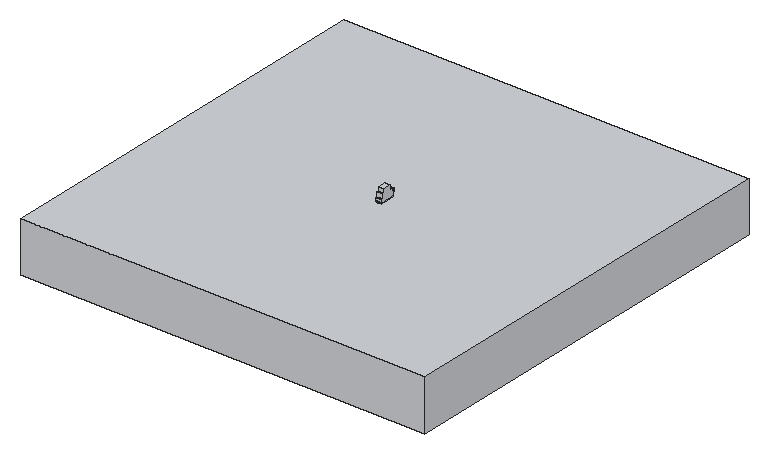
Revit family "Gira_108000", category Elektroinstallationen, Revit 2017
Family settings
  Basisbauteil = Fläche
  Beschriftungsausrichtung beibehalten = Nein
  Bemaßung runder Anschluss = Durchmesser verwenden
  Teiletyp = Normal
  Beim Laden mit Abzugskörper schneiden = Nein
  Gemeinsam genutzt = Nein
  Raumberechnungspunkt = Nein
Parameters
  Zentrale Funktionseinheit für Sender/Aktoren = yes
  Werkstoffgüte = "sonstige"
  Werkstoff = "sonstige"
  Default Elevation = 1219.2 mm
  URL = "https://www.gira.de/"
  Typname = "USB Datenschnittst. REG KNX REG"
  Transparent = no
  Temperaturregler = yes
  Status-LED = yes
  Schutzart (IP) = "IP20"
  Präsenztaster = no
  Produktseite = "http://katalog.gira.de/de_DE/datenblatt.html?artikelnr=108000"
  Oberfläche = "sonstige"
  Montageart = "REG"
  Mit LED-Anzeige = no
  Mit Display = yes
  Mit Diebstahl-/Demontageschutz = yes
  Mit Busankopplung = yes
  Mit Beschriftungsfeld = no
  Logischer Baustein = yes
  IR-Sensor = no
  Hersteller = "Gira"
  HAN = "108000"
  GTIN = "4010337080008"
  Farbe = "sonstige"
  Datenblatt = "https://katalog.gira.de/de_DE/download.html?artikelnr=108000"
  DCF77 Empfänger integriert = no
  Bussystem Powernet = no
  Bussystem LON = no
  Bussystem KNX-Funk = no
  Bussystem KNX = yes
  Bussystem Funkbus = no
  Breite in Teilungseinheiten = 2
  Beschreibung = "KNX USB Datenschnittstelle  REG Merkmale: - USB Datenschnittstelle mit integrierter Busankopplung. - Zur Ankopplung eines PCs an den KNX Bus um KNX Komponenten zu adressieren, programmieren oder diagnostizieren.  Hinweise : - Die Datenschnittstelle wird ab ETS3 unterstützt."
  BIM = "https://media.stage.bim.site/public/gira/876eb45/Gira%20X1%20REG%20KNX.rfa?public/gira/876eb45/Gira X1 REG KNX.rfa"
  Ausführung der Oberfläche = "nicht zutreffend"
  Ausführung = "USB"
  Andere Bussysteme = "ohne"
Reference planes
  plane 1 "Center (Front/Back)": y = 0
  plane 2: z = 0
  plane 3 "Center (Left/Right)": x = 0
Forms (mm)
  Extrusion 1, solid
    sketch origin (0, 0, 0) x (1, 0, 0) y (0, 1, 0)
      loop
        line (-1219.2, 1219.2) -> (-1219.2, -1219.2) -> (1219.2, -1219.2) -> (1219.2, 1219.2) -> (-1219.2, 1219.2)
    from 0 to -304.8
  Extrusion 2, solid, detail levels fine
    sketch origin (0, -0.2, 0) x (0, 1, 0) y (0, 0, 1)
      loop
        line (22.65, 43.82) -> (22.65, 68.77) -> (-22.25, 68.77) -> (-22.25, 43.82) -> (-30.4, 43.82) -> (-30.4, 19.42) -> (-44.8, 19.42) -> (-44.8, 1.97) -> (45.192, 1.97) -> (45.192, 28.47) -> (32.925, 28.47) -> (32.831, 39.259) -> (31.225, 41.242) -> (31.225, 43.82) -> (22.65, 43.82)
    from -17.95 to 17.95
  Extrusion 3, solid, detail levels fine
    sketch origin (0, -0.2, 0) x (0, 1, 0) y (0, 0, 1)
      loop
        line (45.192, 43.82) -> (31.225, 43.82) -> (31.225, 41.242) -> (32.831, 39.259) -> (32.925, 28.47) -> (45.192, 28.47) -> (45.192, 43.82)
    from -17.95 to -15.8
  Extrusion 4, solid, detail levels fine
    sketch origin (0, -0.2, 0) x (0, 1, 0) y (0, 0, -1)
      loop
        line (45.192, -43.82) -> (45.192, -28.47) -> (32.925, -28.47) -> (32.831, -39.259) -> (31.225, -41.242) -> (31.225, -43.82) -> (45.192, -43.82)
    from -17.95 to -15.8
  Extrusion 5, solid, detail levels fine
    sketch origin (0, -0.2, 0) x (0, 1, 0) y (0, 0, 1)
      loop
        line (31.5, 42.848) -> (31.5, 40.412)
        arc (31.5, 40.412) -> (38.359, 39.512) -> (45.192, 38.435) r 267
        line (45.192, 38.435) -> (45.192, 14.255)
        arc (45.192, 14.255) -> (50.205, 15.189) -> (55.2, 16.219) r 264.9
        line (55.2, 16.219) -> (55.2, 38.933)
        arc (55.2, 38.933) -> (43.394, 41.159) -> (31.5, 42.848) r 265
    from -15.506 to 15.5
  Extrusion 6, solid, detail levels fine
    sketch origin (0, -0.2, 0) x (0, 1, 0) y (0, 0, 1)
      loop
        line (45.2, 1.5) -> (17.774, 1.5) -> (17.905, -6.017)
        arc (17.905, -6.017) -> (20.285, -6.454) -> (22.7, -6.6) r 20
        arc (22.7, -6.6) -> (33.985, -5.009) -> (45.128, -2.618) r 160
        line (45.128, -2.618) -> (45.2, 1.5)
    from -17.95 to 18
  Extrusion 7, solid, detail levels fine
    sketch origin (0, -0.2, 0) x (0, 1, 0) y (0, 0, 1)
      loop
        line (17.905, -6.017) -> (17.824, -1.4) -> (16.8, -1.4) -> (14.749, -4.952)
        arc (14.749, -4.952) -> (16.305, -5.55) -> (17.905, -6.017) r 20
    from -17.95 to -13
  Extrusion 8, solid, detail levels fine
    sketch origin (0, -0.2, 0) x (0, 1, 0) y (0, 0, -1)
      loop
        arc (17.905, 6.017) -> (16.305, 5.55) -> (14.749, 4.952) r 20
        line (14.749, 4.952) -> (16.8, 1.4) -> (17.824, 1.4) -> (17.905, 6.017)
    from -17.95 to -13
  Extrusion 9, solid, detail levels fine
    sketch origin (0, -0.2, 0) x (0, 1, 0) y (0, 0, 1)
      loop
        line (17.8, 0) -> (17.774, 1.5) -> (-44.8, 1.5) -> (-44.774, 0) -> (17.8, 0)
    from -17.95 to 17.95
  Extrusion 10, solid, detail levels fine
    sketch origin (0, 0, 0) x (0, 1, 0) y (0, 0, 1)
      loop
        line (-48.916, -3.317) -> (-44.906, -3.881) -> (-44.974, 0) -> (-48.916, 0) -> (-48.916, -3.317)
    from -4.803 to 4.797
  Extrusion 11, solid, detail levels fine
    sketch origin (0, 0, 0) x (0, 1, 0) y (0, 0, 1)
      loop
        arc (-22.5, -6.6) -> (-20.811, -6.529) -> (-19.134, -6.315) r 20
        line (-19.134, -6.315) -> (-18.029, -3.279) -> (-18, 0) -> (-44.974, 0) -> (-44.928, -2.618)
        arc (-44.928, -2.618) -> (-33.785, -5.009) -> (-22.5, -6.6) r 160
    from -17.95 to -10.5
  Extrusion 12, solid, detail levels fine
    sketch origin (0, 0, 0) x (0, 1, 0) y (0, 0, -1)
      loop
        arc (-22.5, 6.6) -> (-33.785, 5.009) -> (-44.928, 2.618) r 160
        line (-44.928, 2.618) -> (-44.974, 0) -> (-18, 0) -> (-18.029, 3.279) -> (-19.134, 6.315)
        arc (-19.134, 6.315) -> (-20.811, 6.529) -> (-22.5, 6.6) r 20
    from -17.95 to -10.5
  Extrusion 13, solid, detail levels fine
    sketch origin (0, 0, 0) x (0, 1, 0) y (0, 0, 1)
      loop
        line (-30.708, -6.6) -> (-30.65, 0) -> (-44.974, 0) -> (-44.859, -6.6) -> (-30.708, -6.6)
    from -10.5 to 10.5
  Extrusion 14, solid, detail levels fine
    sketch origin (0, 0, 0) x (1, 0, 0) y (0, 1, 0)
      loop
        circle (-0.003, -20.023) r 1
    from -7.682 to 0
  Extrusion 15, solid, detail levels fine
    sketch origin (0, 0, 0) x (0, 1, 0) y (0, 0, 1)
      loop
        line (-17.523, -0.8) -> (-17.523, 0) -> (-30.65, 0) -> (-30.684, -3.9) -> (-27.106, -3.9) -> (-27.106, -5.6) -> (-19.623, -6.6) -> (-18.03, -6.6) -> (-15.023, -2.682) -> (-15.023, -1.517) -> (-17.523, -0.8)
    from -4.503 to 4.5
  Extrusion 16, solid, detail levels fine
    sketch origin (0, 0, 0) x (1, 0, 0) y (0, 1, 0)
      loop
        line (16.859, 43.848) -> (-16.859, 43.848) -> (-16.859, -43.859) -> (16.859, -43.859) -> (16.859, 43.848)
    from 1.5 to 4
  Extrusion 17, solid, detail levels medium
    sketch origin (0, 0, 0) x (0, 1, 0) y (0, 0, 1)
      loop
        line (22.45, 68.77) -> (-22.45, 68.77) -> (-22.45, 43.82) -> (-30.6, 43.82) -> (-30.6, 19.42) -> (-45, 19.42) -> (-45, 0) -> (-48.916, 0) -> (-48.916, -6.6) -> (-15.023, -6.6) -> (-15.023, 0) -> (14.549, 0) -> (14.549, -6.6) -> (44.992, -6.6) -> (44.992, 14.255)
        arc (44.992, 14.255) -> (50.005, 15.189) -> (55, 16.219) r 264.9
        line (55, 16.219) -> (55, 38.933)
        arc (55, 38.933) -> (50.005, 39.943) -> (44.992, 40.856) r 265
        line (44.992, 40.856) -> (44.992, 43.82) -> (22.45, 43.82) -> (22.45, 68.77)
    from -17.95 to 17.95
  Extrusion 18, solid, detail levels coarse
    sketch origin (0, 0, 0) x (1, 0, 0) y (0, 1, 0)
      loop
        line (-17.95, 55) -> (-17.95, -48.916) -> (17.95, -48.916) -> (17.95, 55) -> (-17.95, 55)
    from -7.682 to 68.77
Dimensions and locks
  aligned and locked: plane 2 to Extrusion 1
  aligned and locked: level to Extrusion 1
Connectors
  electrical at (0, -13.687, 0)
    settings: on Extrusion 9, index 1, voltage 24 V, apparent load 0 VA, apparent load phase1 0 VA, apparent load phase2 0 VA, apparent load phase3 0 VA, power factor 1, load classification "Other", number of poles 1, system type 30, power factor state 1, is connector primary yes, connector utility no, sub classification motor no, connector description ""
